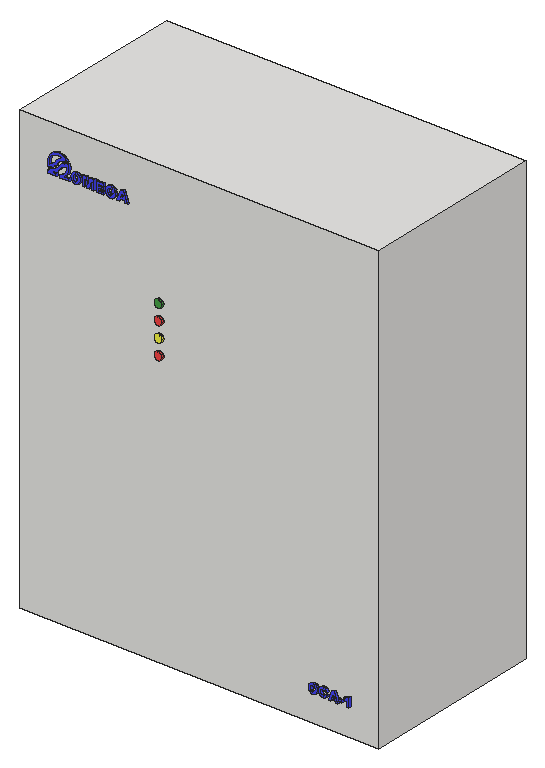
Revit family "ARBM_Прибор_Управления_Оповещением_Световым_Омега-Саунд_ОСА-1_Ru_11", category Устройства вызова и оповещения, Revit 2020
Family settings
  Сохранять ориентацию аннотаций = Нет
  Размер круглого соединителя = Использовать диаметр
  Тип детали = Нормальный
  Номер OmniClass = 23.80.30.11.17
  Заголовок OmniClass = Distribution Boards and Control Panels
  На основе рабочей плоскости = Да
  Всегда вертикально = Нет
  При загрузке вырезать с полостями = Нет
  Общий = Нет
  Точка расчета площади = Нет
Parameters
  УГО Смещение Y [instance] = 1000 mm
  УГО Смещение X [instance] = 1000 mm
  УГО Прямое Видимость [instance] = yes
  УГО Обратное Видимость [instance] = no
  УГО Масштаб 1 Видимость [instance] = yes
  УГО Масштаб 0.6 Видимость [instance] = no
  Default Elevation = 1219.2 mm
  В УГО Смещение Y [instance] = -УГО Смещение Y / 100 + 10 mm  # 0 mm
  В УГО Смещение X [instance] = -УГО Смещение X / 100 + 10 mm  # 0 mm
  d соед. кор. [instance] = if(d короба > 20 mm, 20 mm, d короба)  # 20 mm
  d короба [instance] = 20 mm
  ARBM_ТП_СПС_Потребляемая мощность = 30 W  # constant formula
  ARBM_ТП_СПС_Пост. ток потреб. в тревож. режиме = 775  # constant formula
  ARBM_ТП_СПС_Пост. ток потреб. в деж. режиме = 400  # constant formula
  ARBM_ТП_СПС_Номин. напряжение питания = 12 V  # constant formula
  ARBM_ТП_СПС_Мин. напряжение питания = 100 V  # constant formula
  ARBM_ТП_СПС_Макс. напряжение питания = 260 V  # constant formula
  ARBM_ПСБ_БЦО = "ARK"
  ARBM_ПС_Имя изделия = "ARK1"
  ARBM_ПП_УГО для ОД на схеме/разрезе = 0
  ARBM_ПП_УГО для ОД на плане = 0
  ARBM_ПП_Раздел спецификации ОИМ [instance] = ""
  ARBM_ПП_Раздел проекта = "Система оповещения и управления эвакуацией"
  ARBM_ПИ_Разработчик модели (телефон) = "+37529-698-54-00"  # constant formula
  ARBM_ПИ_Разработчик модели (email) = "sd@aerbim.com"  # constant formula
  ARBM_ПИ_Разработчик модели (URL) = "https://aerbim.com"
  ARBM_ПИ_Разработчик модели = "Группа компаний AerBIM"  # constant formula
  ARBM_ПИ_Дата изменения семейств = ""
  ARBM_SP_NeedMark [instance] = yes
  ARBM_SP_IsEmbedded [instance] = yes
  ARBM_SP_ElementNumber [instance] = 0
  ARBM_SP_ElementMark [instance] = ""
  ARBM_SP_ElementIndex [instance] = 0
  ARBM_SP_ElementAltMark [instance] = ""
  ARBM_SP_CircuitName [instance] = ""
  ARBM_SP_AddressCount [instance] = 0
  ARBM_SP_AdaptationForMarking = 0
  ADSK_Размер_Ширина = 205 mm  # constant formula
  ADSK_Размер_Глубина = 105 mm  # constant formula
  ADSK_Размер_Высота = 255 mm  # constant formula
  ADSK_Примечание = ""
  ADSK_Позиция = ""
  ADSK_Обозначение = ""
  ADSK_Наименование краткое = "Прибор управления"  # constant formula
  ADSK_Наименование = "Прибор управления световым оповещением"  # constant formula
  ADSK_Масса = 2  # constant formula
  ADSK_Марка = "ОСА-1"  # constant formula
  ADSK_Код изделия = "ОСА-1"  # constant formula
  ADSK_Зона = ""
  ADSK_Завод-изготовитель = "Омега Саунд"  # constant formula
  ADSK_Единица измерения = "шт"  # constant formula
  ADSK_Версия семейства = "Версия 1"  # constant formula
  ADSK_Версия Revit = "2020"  # constant formula
  ADSK_URL страницы изделия = "https://omegasound.ru/product/sistemy-opoveshcheniya-i-upravleniya-evakuatsiey/pribory-upravleniya-i-usiliteli-moshchnosti/pribor-upravleniya-osa-1/"
  ADSK_URL документации изделия = "https://omegasound.ru/upload/iblock/b28/OSA_1_v1.7.pdf"
Reference planes
  plane 1 "По центру (Вперед/Назад)": y = 0
  plane 2: z = 0
  plane 3 "По центру (Влево/Вправо)": x = 0
  plane 4: x = 500
  plane 5: y = 500
  plane 6: x = 102.5
  plane 7: x = -102.5
  plane 8: y = -105
  plane 9: z = 255
Lines and regions (mm)
  reference lines
    curve 1: line (-500, 0, 0) -> (-500, -500, 0)
    curve 2: line (-500, -500, 0) -> (500, -500, 0)
Dimensions and locks
  equal spacing: plane 7, plane 3 "По центру (Влево/Вправо)", plane 6
  "ADSK_Размер_Ширина": plane 7 to plane 6
  "ADSK_Размер_Высота": plane 9 to plane 2
  "УГО Смещение Y": curve 2 to plane 5
  locked: curve 1 to curve 1 at 500
  "УГО Смещение X": curve 1 to plane 4
  locked: curve 2 to curve 2 at 1000
  aligned and locked: level to plane 2
  aligned and locked: nested 1 to plane 7
  aligned and locked: plane 1 "По центру (Вперед/Назад)" to nested 1
  aligned and locked: plane 6 to nested 1
  aligned and locked: plane 8 to nested 1
Nested families
  nested 1: "ARBM_Корпус_Прибор_Управления_Оповещением_Световым" at (0, 0, 0), type "ARBM_Корпус_Прибор_Управления_Оповещением_Световым"
  nested 2: "AER_УГО_ПКП_Обратное" at (0, 0, 0), visible <- "УГО Обратное Видимость", Смещение X <- "В УГО Смещение X", Смещение Y <- "В УГО Смещение Y", УГО Масштаб 0.6 Видимость <- "УГО Масштаб 0.6 Видимость", УГО Масштаб 1 Видимость <- "УГО Масштаб 1 Видимость", type "AER_УГО_ПКП_Обратное", detail levels coarse
    with УГО Масштаб 1 Видимость yes, УГО Масштаб 0.6 Видимость no, Смещение Y 0 mm, Смещение X 0 mm, В Смещение Y 10 mm, В Смещение X 10 mm
  nested 3: "ARBM_УГО_ПКП_Прямое" at (0, 0, 0), visible <- "УГО Прямое Видимость", Смещение X <- "В УГО Смещение X", Смещение Y <- "В УГО Смещение Y", УГО Масштаб 0.6 Видимость <- "УГО Масштаб 0.6 Видимость", УГО Масштаб 1 Видимость <- "УГО Масштаб 1 Видимость", type "ARBM_УГО_ПКП_Прямое", detail levels coarse
    with УГО Масштаб 1 Видимость yes, УГО Масштаб 0.6 Видимость no, Смещение Y 0 mm, Смещение X 0 mm, В Смещение Y 10 mm, В Смещение X 10 mm
Connectors
  cabletrayconduit at (-102.5, -39.066, 99.564), diameter 20, driven by "d соед. кор."
    settings: on plane 7, index 2, connector width 300 mm, connector height 300 mm, connector angle 0.00°, system type 32, placement type 0, profile type 0, connector reference index -1, is primary connector yes, connector utility param no, connector description ""
  cabletrayconduit at (102.5, -39.066, 99.564), diameter 20, driven by "d соед. кор."
    settings: on plane 6, index 3, connector width 300 mm, connector height 300 mm, connector angle 0.00°, system type 32, placement type 0, profile type 0, connector reference index -1, is primary connector no, connector utility param no, connector description ""
  cabletrayconduit at (0, -37.207, 0), diameter 20, driven by "d соед. кор."
    settings: on plane 2, index 4, connector width 300 mm, connector height 300 mm, connector angle 0.00°, system type 32, placement type 0, profile type 0, connector reference index -1, is primary connector no, connector utility param no, connector description ""
  cabletrayconduit at (0, -37.207, 255), diameter 20, driven by "d соед. кор."
    settings: on plane 9, index 5, connector width 300 mm, connector height 300 mm, connector angle 0.00°, system type 32, placement type 0, profile type 0, connector reference index -1, is primary connector no, connector utility param no, connector description ""
  electrical at (0, 0, 0)
    settings: on plane 1 "По центру (Вперед/Назад)", index 6, voltage 0 V, apparent load 0 VA, apparent load phase1 0 VA, apparent load phase2 0 VA, apparent load phase3 0 VA, power factor 1, load classification "Прочее", number of poles 1, system type 12, power factor state 1, is connector primary yes, connector utility no, sub classification motor no, connector description ""
Definition of nested family "ARBM_Корпус_Прибор_Управления_Оповещением_Световым"
  Parameters (values of type "ARBM_Корпус_Прибор_Управления_Оповещением_Световым")
    Default Elevation = 1219.2 mm
    ADSK_Размер_Ширина = 205 mm
    ADSK_Размер_Глубина = 105 mm
    ADSK_Размер_Высота = 255 mm
  Reference planes
    plane 1 "По центру (Вперед/Назад)": y = 0
    plane 2: z = 0
    plane 3 "По центру (Влево/Вправо)": x = 0
    plane 4: x = -102.5
    plane 5: x = 102.5
    plane 6: y = -105
    plane 7: z = 255
    plane 8: x = -62.791
    plane 9: x = -43.232
    plane 10: x = 77.447
    plane 11: z = 171.897
    plane 12: z = 127.5
  Forms (mm)
    Extrusion 1, solid, detail levels medium+fine
      sketch origin (0, 0, 0) x (1, 0, 0) y (0, 1, 0)
        loop
          line (-102.5, -105) -> (102.5, -105) -> (102.5, 0) -> (-102.5, 0) -> (-102.5, -105)
      from 0 to 255
    Extrusion 2, solid, detail levels medium+fine
      sketch origin (0, 0, 0) x (1, 0, 0) y (0, 0, 1)
        loop
          arc (-85.682, 233.002) -> (-82.679, 233.522) -> (-80.419, 235.569) r 5.473
          arc (-80.419, 235.569) -> (-78.068, 237.987) -> (-74.746, 238.574) r 5.49
          arc (-74.746, 238.574) -> (-82.764, 240.793) -> (-85.682, 233.002) r 6.161
        loop
          arc (-84.758, 234.336) -> (-82.613, 235.14) -> (-81.062, 236.827) r 4.934
          arc (-81.062, 236.827) -> (-79.519, 238.566) -> (-77.387, 239.497) r 5.409
          arc (-77.387, 239.497) -> (-82.815, 239.404) -> (-84.758, 234.336) r 4.851
        loop
          arc (-74.03, 237.431) -> (-77.515, 236.917) -> (-79.889, 234.316) r 5.248
          arc (-79.889, 234.316) -> (-82.191, 232.456) -> (-85.095, 231.888) r 6.14
          arc (-85.095, 231.888) -> (-84.522, 231.187) -> (-83.862, 230.565) r 6.976
          line (-83.862, 230.565) -> (-86.006, 230.565) -> (-86.006, 229.15) -> (-81.084, 229.15) -> (-81.084, 230.629) -> (-82.255, 231.126)
          arc (-82.255, 231.126) -> (-80.002, 232.09) -> (-78.389, 233.935) r 5.521
          arc (-78.389, 233.935) -> (-77.069, 235.392) -> (-75.223, 236.07) r 4.115
          arc (-75.223, 236.07) -> (-75.832, 232.552) -> (-78.798, 230.565) r 4.535
          line (-78.798, 230.565) -> (-78.798, 229.15) -> (-73.798, 229.15) -> (-73.798, 230.542) -> (-75.921, 230.542)
          arc (-75.921, 230.542) -> (-73.916, 233.696) -> (-74.03, 237.431) r 6.355
        loop
          spline (-69.806, 233.912) -> (-70.143, 233.85) -> (-70.456, 233.669) -> (-70.725, 233.381) -> (-70.932, 233.006) -> (-71.061, 232.568) -> (-71.106, 232.099) -> (-71.061, 231.629) -> (-70.932, 231.192) -> (-70.725, 230.816) -> (-70.456, 230.528) -> (-70.143, 230.347) -> (-69.806, 230.285)
          spline (-69.806, 230.285) -> (-69.47, 230.347) -> (-69.157, 230.528) -> (-68.888, 230.816) -> (-68.681, 231.192) -> (-68.552, 231.629) -> (-68.507, 232.099) -> (-68.552, 232.568) -> (-68.681, 233.006) -> (-68.888, 233.381) -> (-69.157, 233.669) -> (-69.47, 233.85) -> (-69.806, 233.912)
        loop
          spline (-69.806, 235.069) -> (-70.507, 234.968) -> (-71.159, 234.672) -> (-71.72, 234.202) -> (-72.15, 233.589) -> (-72.42, 232.875) -> (-72.512, 232.109) -> (-72.42, 231.343) -> (-72.15, 230.629) -> (-71.72, 230.016) -> (-71.159, 229.546) -> (-70.507, 229.25) -> (-69.806, 229.15)
          spline (-69.806, 229.15) -> (-69.106, 229.25) -> (-68.453, 229.546) -> (-67.892, 230.016) -> (-67.462, 230.629) -> (-67.192, 231.343) -> (-67.1, 232.109) -> (-67.192, 232.875) -> (-67.462, 233.589) -> (-67.892, 234.202) -> (-68.453, 234.672) -> (-69.106, 234.968) -> (-69.806, 235.069)
        loop
          line (-66.125, 229.431) -> (-64.644, 229.431) -> (-64.644, 233.206) -> (-63.561, 229.431) -> (-62.003, 229.431) -> (-60.938, 233.145) -> (-60.938, 229.431) -> (-59.457, 229.431) -> (-59.457, 234.944) -> (-61.797, 234.944) -> (-62.791, 231.691) -> (-63.785, 234.944) -> (-66.125, 234.944) -> (-66.125, 229.431)
        loop
          line (-58.148, 234.944) -> (-58.148, 229.15) -> (-53.871, 229.15) -> (-53.871, 230.361) -> (-56.749, 230.361) -> (-56.749, 231.544) -> (-53.871, 231.544) -> (-53.871, 232.593) -> (-56.749, 232.593) -> (-56.749, 233.454) -> (-53.871, 233.454) -> (-53.871, 234.944) -> (-58.148, 234.944)
        loop
          arc (-47.281, 233.647) -> (-52.858, 232.004) -> (-47.281, 230.361) r 3.03
          line (-47.281, 230.361) -> (-47.281, 232.593) -> (-49.555, 232.593) -> (-49.555, 231.544) -> (-48.165, 231.544)
          arc (-48.165, 231.544) -> (-51.556, 231.812) -> (-48.461, 233.224) r 1.757
          line (-48.461, 233.224) -> (-47.281, 233.647)
        loop
          line (-43.232, 235.1) -> (-44.063, 235.1) -> (-46.229, 229.15) -> (-44.797, 229.15) -> (-44.356, 230.361) -> (-43.232, 230.361) -> (-42.108, 230.361) -> (-41.667, 229.15) -> (-40.235, 229.15) -> (-42.401, 235.1) -> (-43.232, 235.1)
        loop
          line (-42.636, 231.666) -> (-43.232, 233.45) -> (-43.881, 231.666) -> (-42.636, 231.666)
        loop
          spline (65.904, 19.817) -> (65.568, 19.762) -> (65.254, 19.6) -> (64.985, 19.343) -> (64.779, 19.008) -> (64.649, 18.618) -> (64.605, 18.2) -> (64.649, 17.781) -> (64.779, 17.392) -> (64.985, 17.057) -> (65.254, 16.8) -> (65.568, 16.638) -> (65.904, 16.583)
          spline (65.904, 16.583) -> (66.24, 16.638) -> (66.553, 16.8) -> (66.822, 17.057) -> (67.029, 17.392) -> (67.159, 17.781) -> (67.203, 18.2) -> (67.159, 18.618) -> (67.029, 19.008) -> (66.822, 19.343) -> (66.553, 19.6) -> (66.24, 19.762) -> (65.904, 19.817)
        loop
          spline (65.904, 20.945) -> (65.204, 20.851) -> (64.551, 20.578) -> (63.991, 20.144) -> (63.56, 19.577) -> (63.29, 18.918) -> (63.198, 18.21) -> (63.29, 17.503) -> (63.56, 16.843) -> (63.991, 16.277) -> (64.551, 15.842) -> (65.204, 15.569) -> (65.904, 15.476)
          spline (65.904, 15.476) -> (66.605, 15.569) -> (67.257, 15.842) -> (67.818, 16.277) -> (68.248, 16.843) -> (68.518, 17.503) -> (68.611, 18.21) -> (68.518, 18.918) -> (68.248, 19.577) -> (67.818, 20.144) -> (67.257, 20.578) -> (66.605, 20.851) -> (65.904, 20.945)
        loop
          arc (74.166, 17.555) -> (69.146, 18.322) -> (74.166, 19.089) r 2.568
          line (74.166, 19.089) -> (72.982, 19.089)
          arc (72.982, 19.089) -> (70.29, 18.322) -> (72.982, 17.555) r 1.456
          line (72.982, 17.555) -> (74.166, 17.555)
        loop
          line (77.447, 20.893) -> (76.616, 20.893) -> (74.691, 15.603) -> (76.122, 15.603) -> (76.479, 16.583) -> (77.447, 16.583) -> (78.414, 16.583) -> (78.771, 15.603) -> (80.203, 15.603) -> (78.277, 20.893) -> (77.447, 20.893)
        loop
          line (78.042, 17.459) -> (77.447, 19.242) -> (76.798, 17.459) -> (78.042, 17.459)
        loop
          line (80.459, 18.083) -> (80.459, 16.85) -> (82.552, 16.85) -> (82.552, 18.083) -> (80.459, 18.083)
        loop
          line (83.436, 19.496) -> (83.436, 18.482)
          arc (83.436, 18.482) -> (84.389, 18.651) -> (85.252, 19.089) r 3.292
          line (85.252, 19.089) -> (85.252, 15.603) -> (86.372, 15.603) -> (86.372, 20.893) -> (85.274, 20.893)
          arc (85.274, 20.893) -> (84.642, 19.817) -> (83.436, 19.496) r 1.642
      from 105 to 106
    Extrusion 3, solid, detail levels medium+fine
      sketch origin (-102.5, -105, 0) x (1, 0, 0) y (0, 0, 1)
        loop
          circle (79.728, 184.355) r 2.213
      from 0 to 1
    Extrusion 4, solid, detail levels medium+fine
      sketch origin (-102.5, -105, -8.853) x (1, 0, 0) y (0, 0, 1)
        loop
          circle (79.728, 184.355) r 2.213
      from 0 to 1
    Extrusion 5, solid, detail levels medium+fine
      sketch origin (-102.5, -105, -17.845) x (1, 0, 0) y (0, 0, 1)
        loop
          circle (79.728, 184.355) r 2.213
      from 0 to 1
    Extrusion 6, solid, detail levels medium+fine
      sketch origin (-102.5, -105, -26.794) x (1, 0, 0) y (0, 0, 1)
        loop
          circle (79.728, 184.355) r 2.213
      from 0 to 1
    Extrusion 7, solid, detail levels coarse
      sketch origin (0, 0, 0) x (1, 0, 0) y (0, 1, 0)
        loop
          line (-102.5, 0) -> (-102.5, -105) -> (102.5, -105) -> (102.5, 0) -> (-102.5, 0)
      from 0 to 255
    Extrusion 8, solid, detail levels coarse
      sketch origin (0, 0, 0) x (1, 0, 0) y (0, 1, 0)
        loop
          line (-102.5, 0) -> (-102.5, -105) -> (102.5, -105) -> (102.5, 0) -> (-102.5, 0)
      from 0 to 255
  Lines and regions (mm)
    model lines, detail levels medium+fine
      curve 1: line (-50.555, -105, 193.214) -> (45.821, -105, 193.214)
      curve 2: line (45.821, -105, 193.214) -> (45.821, -105, 150.581)
      curve 3: line (45.821, -105, 150.581) -> (-50.555, -105, 150.581)
      curve 4: line (-50.555, -105, 150.581) -> (-50.555, -105, 193.214)
      curve 5: arc (-48.651, -105, 189.109) -> (-48.038, -105, 190.589) -> (-46.558, -105, 191.202) r 2.093
      curve 6: line (-46.558, -105, 191.202) -> (41.353, -105, 191.202)
      curve 7: line (-48.651, -105, 189.109) -> (-48.651, -105, 154.96)
      curve 8: arc (43.446, -105, 189.109) -> (42.833, -105, 190.589) -> (41.353, -105, 191.202) r 2.093
      curve 9: arc (-48.651, -105, 154.96) -> (-48.038, -105, 153.48) -> (-46.558, -105, 152.867) r 2.093
      curve 10: arc (43.446, -105, 154.96) -> (42.833, -105, 153.48) -> (41.353, -105, 152.867) r 2.093
      curve 11: line (43.446, -105, 189.109) -> (43.446, -105, 154.96)
      curve 12: line (-46.558, -105, 152.867) -> (41.353, -105, 152.867)
      curve 13: arc (-92.773, -105, 247.286) -> (-94.153, -105, 246.714) -> (-94.725, -105, 245.334) r 1.952
      curve 14: line (-92.773, -105, 247.286) -> (0, -105, 247.286)
      curve 15: arc (92.773, -105, 247.286) -> (94.153, -105, 246.714) -> (94.725, -105, 245.334) r 1.952
      curve 16: line (92.773, -105, 247.286) -> (0, -105, 247.286)
      curve 17: arc (-92.773, -105, 7.714) -> (-94.153, -105, 8.286) -> (-94.725, -105, 9.666) r 1.952
      curve 18: line (-92.773, -105, 7.714) -> (0, -105, 7.714)
      curve 19: arc (92.773, -105, 7.714) -> (94.153, -105, 8.286) -> (94.725, -105, 9.666) r 1.952
      curve 20: line (92.773, -105, 7.714) -> (0, -105, 7.714)
      curve 21: line (-94.725, -105, 245.334) -> (-94.725, -105, 9.666)
      curve 22: line (94.725, -105, 245.334) -> (94.725, -105, 9.666)
  Dimensions and locks
    "ADSK_Размер_Глубина": plane 6 to plane 1 "По центру (Вперед/Назад)"
    "ADSK_Размер_Ширина": plane 4 to plane 5
    "ADSK_Размер_Высота": plane 7 to plane 2
    aligned and locked: level to plane 2
    aligned and locked: Extrusion 1 sketch curve to plane 6
    aligned and locked: Extrusion 1 sketch curve to plane 4
    aligned and locked: Extrusion 1 sketch curve to plane 1 "По центру (Вперед/Назад)"
    aligned and locked: Extrusion 1 sketch curve to plane 5
    aligned and locked: Extrusion 1 to level
    aligned and locked: plane 7 to Extrusion 1
    aligned and locked: plane 6 to Extrusion 2
    aligned and locked: Extrusion 7 sketch curve to Extrusion 1  (x4)
    aligned and locked: plane 7 to Extrusion 7
    aligned and locked: Extrusion 7 to level
    aligned and locked: plane 1 "По центру (Вперед/Назад)" to Extrusion 8 sketch curve
    aligned and locked: Extrusion 8 sketch curve to plane 4
    aligned and locked: plane 6 to Extrusion 8 sketch curve
    aligned and locked: Extrusion 8 sketch curve to plane 5
    aligned and locked: Extrusion 8 to level
    aligned and locked: plane 7 to Extrusion 8
  Automatic sketch dimensions
    Extrusion 2 sketch curve to plane 8 = 0 mm
    Extrusion 2 sketch curve to plane 9 = 0 mm  (x3)
    Extrusion 2 sketch curve to plane 10 = 0 mm  (x3)
    Extrusion 2 sketch curve to plane 8 = 0.77 mm
    Extrusion 2 sketch curve to plane 8 = 0.994 mm
    Extrusion 2 sketch curve to Extrusion 2 sketch curve = 1.083 mm
    Extrusion 2 sketch curve to Extrusion 2 sketch curve = 1.481 mm  (x2)
    Extrusion 2 sketch curve to Extrusion 2 sketch curve = 7.673 mm
    Extrusion 2 sketch curve to Extrusion 2 sketch curve = 0.97 mm
    Extrusion 2 sketch curve to Extrusion 2 sketch curve = 0.283 mm
    Extrusion 2 sketch curve to Extrusion 2 sketch curve = 0.447 mm
    Extrusion 2 sketch curve to Extrusion 2 sketch curve = 1.153 mm
    Extrusion 2 sketch curve to Extrusion 2 sketch curve = 0.841 mm
    Extrusion 2 sketch curve to Extrusion 2 sketch curve = 2.877 mm
    Extrusion 2 sketch curve to Extrusion 2 sketch curve = 3.081 mm
    Extrusion 2 sketch curve to Extrusion 2 sketch curve = 0.215 mm
    Extrusion 2 sketch curve to Extrusion 2 sketch curve = 0.332 mm
    Extrusion 2 sketch curve to Extrusion 2 sketch curve = 0.065 mm
    Extrusion 2 sketch curve to Extrusion 2 sketch curve = 0.012 mm
    Extrusion 2 sketch curve to Extrusion 2 sketch curve = 2.286 mm
    Extrusion 2 sketch curve to Extrusion 2 sketch curve = 1.171 mm
    Extrusion 2 sketch curve to Extrusion 2 sketch curve = 3.216 mm
    Extrusion 2 sketch curve to Extrusion 2 sketch curve = 1.607 mm  (x2)
    Extrusion 2 sketch curve to Extrusion 2 sketch curve = 1.538 mm
    Extrusion 2 sketch curve to Extrusion 2 sketch curve = 0.292 mm
    Extrusion 2 sketch curve to Extrusion 2 sketch curve = 0.293 mm
    Extrusion 2 sketch curve to Extrusion 2 sketch curve = 2.143 mm
    plane 8 to Extrusion 2 sketch curve = 0.788 mm
    plane 8 to Extrusion 2 sketch curve = 0.994 mm
    Extrusion 2 sketch curve to Extrusion 2 sketch curve = 1.065 mm
    Extrusion 2 sketch curve to Extrusion 2 sketch curve = 1.309 mm
    Extrusion 2 sketch curve to Extrusion 2 sketch curve = 1.399 mm
    Extrusion 2 sketch curve to Extrusion 2 sketch curve = 0 mm  (x14)
    Extrusion 2 sketch curve to Extrusion 2 sketch curve = 2.878 mm
    Extrusion 2 sketch curve to Extrusion 2 sketch curve = 4.044 mm
    Extrusion 2 sketch curve to Extrusion 2 sketch curve = 0.002 mm
    Extrusion 2 sketch curve to Extrusion 2 sketch curve = 0.27 mm
    Extrusion 2 sketch curve to Extrusion 2 sketch curve = 1.095 mm
    Extrusion 2 sketch curve to Extrusion 2 sketch curve = 1.391 mm
    Extrusion 2 sketch curve to Extrusion 2 sketch curve = 1.18 mm
    Extrusion 2 sketch curve to Extrusion 2 sketch curve = 1.052 mm
    Extrusion 2 sketch curve to Extrusion 2 sketch curve = 1.431 mm  (x3)
    Extrusion 2 sketch curve to Extrusion 2 sketch curve = 1.124 mm
    Extrusion 2 sketch curve to Extrusion 2 sketch curve = 0.831 mm  (x2)
    Extrusion 2 sketch curve to plane 9 = 0.649 mm
    plane 9 to Extrusion 2 sketch curve = 0.596 mm
    plane 9 to Extrusion 2 sketch curve = 0.831 mm
    plane 9 to Extrusion 2 sketch curve = 1.124 mm
    Extrusion 2 sketch curve to Extrusion 2 sketch curve = 0.441 mm
    Extrusion 2 sketch curve to plane 10 = 5.732 mm
    Extrusion 2 sketch curve to Extrusion 2 sketch curve = 0.031 mm
    Extrusion 2 sketch curve to Extrusion 2 sketch curve = 1.237 mm  (x2)
    Extrusion 2 sketch curve to Extrusion 2 sketch curve = 1.184 mm  (x2)
    Extrusion 2 sketch curve to Extrusion 2 sketch curve = 0.525 mm
    Extrusion 2 sketch curve to plane 10 = 1.325 mm
    Extrusion 2 sketch curve to Extrusion 2 sketch curve = 0.968 mm
    Extrusion 2 sketch curve to plane 10 = 0.649 mm
    plane 10 to Extrusion 2 sketch curve = 0.596 mm
    plane 10 to Extrusion 2 sketch curve = 0.831 mm
    Extrusion 2 sketch curve to Extrusion 2 sketch curve = 0.372 mm
    Extrusion 2 sketch curve to Extrusion 2 sketch curve = 0.357 mm
    Extrusion 2 sketch curve to Extrusion 2 sketch curve = 0.256 mm
    Extrusion 2 sketch curve to Extrusion 2 sketch curve = 2.093 mm
    Extrusion 2 sketch curve to Extrusion 2 sketch curve = 0.794 mm
    Extrusion 2 sketch curve to Extrusion 2 sketch curve = 0.884 mm
    Extrusion 2 sketch curve to Extrusion 2 sketch curve = 0.302 mm
    Extrusion 2 sketch curve to Extrusion 2 sketch curve = 1.816 mm
    Extrusion 2 sketch curve to Extrusion 2 sketch curve = 1.626 mm
    Extrusion 2 sketch curve to Extrusion 2 sketch curve = 1.12 mm
    level to Extrusion 2 sketch curve = 15.603 mm
    Extrusion 2 sketch curve to Extrusion 2 sketch curve = 0.98 mm
    Extrusion 2 sketch curve to Extrusion 2 sketch curve = 1.247 mm
    Extrusion 2 sketch curve to Extrusion 2 sketch curve = 0.875 mm
    Extrusion 2 sketch curve to Extrusion 2 sketch curve = 1.952 mm
    Extrusion 2 sketch curve to Extrusion 2 sketch curve = 1.233 mm
    Extrusion 2 sketch curve to Extrusion 2 sketch curve = 0.767 mm
    Extrusion 2 sketch curve to Extrusion 2 sketch curve = 0.4 mm
    Extrusion 2 sketch curve to Extrusion 2 sketch curve = 0.606 mm
    Extrusion 2 sketch curve to Extrusion 2 sketch curve = 1.783 mm  (x2)
    Extrusion 2 sketch curve to Extrusion 2 sketch curve = 1.014 mm
    Extrusion 2 sketch curve to Extrusion 2 sketch curve = 1.804 mm
    Extrusion 2 sketch curve to Extrusion 2 sketch curve = 1.651 mm  (x2)
    Extrusion 2 sketch curve to plane 7 = 25.85 mm  (x2)
    Extrusion 2 sketch curve to Extrusion 2 sketch curve = 0.281 mm  (x2)
    Extrusion 2 sketch curve to Extrusion 2 sketch curve = 1.211 mm  (x3)
    Extrusion 2 sketch curve to Extrusion 2 sketch curve = 1.393 mm
    Extrusion 2 sketch curve to Extrusion 2 sketch curve = 1.416 mm  (x2)
    Extrusion 2 sketch curve to Extrusion 2 sketch curve = 1.479 mm
    Extrusion 2 sketch curve to Extrusion 2 sketch curve = 0.497 mm
    Extrusion 2 sketch curve to Extrusion 2 sketch curve = 1.183 mm  (x2)
    Extrusion 2 sketch curve to Extrusion 2 sketch curve = 1.306 mm
    Extrusion 2 sketch curve to Extrusion 2 sketch curve = 2.26 mm
    Extrusion 2 sketch curve to Extrusion 2 sketch curve = 1.438 mm
    Extrusion 2 sketch curve to Extrusion 2 sketch curve = 0.46 mm
    Extrusion 2 sketch curve to Extrusion 2 sketch curve = 0.113 mm
    Extrusion 2 sketch curve to Extrusion 2 sketch curve = 0.304 mm
    Extrusion 2 sketch curve to Extrusion 2 sketch curve = 0.476 mm
    Extrusion 2 sketch curve to Extrusion 2 sketch curve = 1.049 mm
    Extrusion 2 sketch curve to Extrusion 2 sketch curve = 0.852 mm
    Extrusion 2 sketch curve to Extrusion 2 sketch curve = 1.454 mm
    Extrusion 2 sketch curve to Extrusion 2 sketch curve = 1.516 mm
    Extrusion 2 sketch curve to Extrusion 2 sketch curve = 0.861 mm
    Extrusion 2 sketch curve to Extrusion 2 sketch curve = 1.055 mm
    Extrusion 2 sketch curve to Extrusion 2 sketch curve = 1.738 mm
    Extrusion 2 sketch curve to Extrusion 2 sketch curve = 1.8 mm
    Extrusion 2 sketch curve to Extrusion 2 sketch curve = 1.491 mm
    Extrusion 2 sketch curve to Extrusion 2 sketch curve = 0.832 mm
    Extrusion 2 sketch curve to Extrusion 2 sketch curve = 0.075 mm
    Extrusion 2 sketch curve to Extrusion 2 sketch curve = 0.052 mm
    Extrusion 2 sketch curve to Extrusion 2 sketch curve = 0.514 mm
    Extrusion 2 sketch curve to Extrusion 2 sketch curve = 1.127 mm
    Extrusion 2 sketch curve to Extrusion 2 sketch curve = 1.464 mm
    Extrusion 2 sketch curve to Extrusion 2 sketch curve = 0.42 mm
    Extrusion 2 sketch curve to Extrusion 2 sketch curve = 0.79 mm
    Extrusion 2 sketch curve to Extrusion 2 sketch curve = 3.681 mm
    Extrusion 2 sketch curve to Extrusion 2 sketch curve = 2.31 mm
    Extrusion 2 sketch curve to Extrusion 2 sketch curve = 0.716 mm
    Extrusion 2 sketch curve to Extrusion 2 sketch curve = 1.193 mm
    Extrusion 2 sketch curve to Extrusion 2 sketch curve = 2.641 mm
    Extrusion 2 sketch curve to Extrusion 2 sketch curve = 0.254 mm
    Extrusion 2 sketch curve to Extrusion 2 sketch curve = 0.387 mm
    Extrusion 2 sketch curve to Extrusion 2 sketch curve = 0.643 mm
    Extrusion 2 sketch curve to Extrusion 2 sketch curve = 0.587 mm
    Extrusion 2 sketch curve to Extrusion 2 sketch curve = 5.811 mm
    Extrusion 2 sketch curve to Extrusion 2 sketch curve = 0.122 mm
    Extrusion 2 sketch curve to Extrusion 2 sketch curve = 0.01 mm  (x2)
    Extrusion 2 sketch curve to Extrusion 2 sketch curve = 1.128 mm
    Extrusion 2 sketch curve to Extrusion 2 sketch curve = 1.556 mm
    Extrusion 2 sketch curve to Extrusion 2 sketch curve = 1.803 mm
    Extrusion 2 sketch curve to Extrusion 2 sketch curve = 1.156 mm
    curve 21 to Extrusion 1 = 7.775 mm
    curve 17 to curve 18 = 1.952 mm
    curve 13 to curve 14 = 1.952 mm
    curve 1 to Extrusion 1 = 51.945 mm
    curve 1 to curve 7 = 1.904 mm
    curve 9 to curve 9 = 2.093 mm
    curve 5 to curve 5 = 2.093 mm
    Extrusion 1 to curve 16 = 7.714 mm
    curve 5 to curve 16 = 46.558 mm
    Extrusion 1 to curve 20 = 7.714 mm
    curve 17 to curve 20 = 92.773 mm
    curve 8 to Extrusion 1 = 61.147 mm
    curve 8 to curve 10 = 0 mm
    curve 10 to curve 11 = 2.093 mm
    curve 11 to curve 2 = 2.374 mm
    curve 19 to Extrusion 1 = 9.727 mm
    curve 15 to Extrusion 1 = 9.727 mm
    curve 15 to curve 22 = 1.952 mm
    Extrusion 1 to curve 3 = 104.419 mm
    curve 2 to curve 12 = 2.286 mm
    curve 10 to curve 8 = 34.149 mm
    curve 11 to curve 2 = 4.105 mm
    Extrusion 3 sketch curve to Extrusion 1 = 79.728 mm
    Extrusion 1 to Extrusion 3 sketch curve = 70.645 mm
    Extrusion 4 sketch curve to Extrusion 1 = 79.728 mm
    Extrusion 1 to Extrusion 4 sketch curve = 79.498 mm
    Extrusion 5 sketch curve to Extrusion 1 = 79.728 mm
    Extrusion 1 to Extrusion 5 sketch curve = 88.489 mm
    Extrusion 6 sketch curve to Extrusion 1 = 79.728 mm
    Extrusion 1 to Extrusion 6 sketch curve = 97.439 mm
    radius of Extrusion 3 sketch curve = 2.213 mm
    radius of Extrusion 4 sketch curve = 2.213 mm
    radius of Extrusion 5 sketch curve = 2.213 mm
    radius of Extrusion 6 sketch curve = 2.213 mm
Definition of nested family "AER_УГО_ПКП_Обратное"
  Parameters (values of type "AER_УГО_ПКП_Обратное")
    УГО Масштаб 1 Видимость [instance] = no
    УГО Масштаб 0.6 Видимость [instance] = yes
    Смещение Y [instance] = 0 mm
    Смещение X [instance] = 0 mm
    В Смещение Y [instance] = Смещение Y + 10 mm  # 10 mm
    В Смещение X [instance] = Смещение X + 10 mm  # 10 mm
  Reference planes
    plane 1: y = 0
    plane 2: x = 0
  Lines and regions (mm)
    Masking region 1, visible <- "УГО Масштаб 1 Видимость", not visible
      outline origin (0, 0, 0) x (1, 0, 0) y (0, 1, 0)
        loop
          line (-2.5, 2.5) -> (2.5, 2.5) -> (6, 6) -> (0, 6) -> (-6, 6) -> (-2.5, 2.5)
    Masking region 2, visible <- "УГО Масштаб 1 Видимость", not visible
      outline origin (0, 0, 0) x (1, 0, 0) y (0, 1, 0)
        loop
          line (-2.5, 0) -> (0, 0) -> (2.5, 0) -> (2.5, 2.5) -> (-2.5, 2.5) -> (-2.5, 0)
    Masking region 3, not visible
      outline origin (-80, 0, 0) x (1, 0, 0) y (0, 1, 0)
        loop
          line (78, 2) -> (82, 2) -> (84.8, 4.8) -> (75.2, 4.8) -> (78, 2)
    Masking region 4, not visible
      outline origin (-80, 0, 0) x (1, 0, 0) y (0, 1, 0)
        loop
          line (78, 0) -> (80.5, 0) -> (82, 0) -> (82, 2) -> (78, 2) -> (78, 0)
    Masking region 5, visible <- "УГО Масштаб 0.6 Видимость", not visible
      outline origin (-150, 0, 0) x (1, 0, 0) y (0, 1, 0)
        loop
          line (148.75, 1.25) -> (151.25, 1.25) -> (153, 3) -> (147, 3) -> (148.75, 1.25)
    Masking region 6, visible <- "УГО Масштаб 0.6 Видимость", not visible
      outline origin (-150, 0, 0) x (1, 0, 0) y (0, 1, 0)
        loop
          line (148.75, 0) -> (151.25, 0) -> (151.25, 1.25) -> (148.75, 1.25) -> (148.75, 0)
    Filled region 1, type "Цветовая область 1", visible <- "УГО Масштаб 1 Видимость"
      outline origin (0, -0.039, 0) x (1, 0, 0) y (0, 1, 0)
        loop
          line (0, 0.039) -> (0, -2.423) -> (5, -2.423) -> (5, 0.039) -> (0, 0.039)
    Filled region 2, type "Цветовая область 1", visible <- "УГО Масштаб 0.6 Видимость"
      outline origin (0, 1.923, 0) x (1, 0, 0) y (0, 1, 0)
        loop
          line (0, -1.923) -> (0, -3.423) -> (3, -3.423) -> (3, -1.923) -> (0, -1.923)
    Masking region 7, visible <- "УГО Масштаб 1 Видимость"
      outline origin (0, -0.039, 0) x (1, 0, 0) y (0, 1, 0)
        loop
          line (-5, 0.039) -> (-5, -4.923) -> (5, -4.923) -> (5, -2.423) -> (0, -2.423) -> (0, 0.039) -> (-5, 0.039)
    Masking region 8, visible <- "УГО Масштаб 0.6 Видимость"
      outline origin (0, 1.923, 0) x (1, 0, 0) y (0, 1, 0)
        loop
          line (-3, -1.923) -> (-3, -4.923) -> (3, -4.923) -> (3, -3.423) -> (0, -3.423) -> (0, -1.923) -> (-3, -1.923)
    Filled region 3, type "Цветовая область 1", visible <- "УГО Масштаб 1 Видимость", not visible
      outline origin (0, -0.039, 0) x (1, 0, 0) y (0, 1, 0)
        loop
          line (0, 2.5) -> (0, 0.039) -> (5, 0.039) -> (5, 2.5) -> (0, 2.5)
    Filled region 4, type "Цветовая область 1", visible <- "УГО Масштаб 0.6 Видимость", not visible
      outline origin (0, 1.923, 0) x (1, 0, 0) y (0, 1, 0)
        loop
          line (0, 0.538) -> (0, -0.962) -> (3, -0.962) -> (3, 0.538) -> (0, 0.538)
    Masking region 9, visible <- "УГО Масштаб 1 Видимость", not visible
      outline origin (0, -0.039, 0) x (1, 0, 0) y (0, 1, 0)
        loop
          line (-5, 2.5) -> (-5, -2.462) -> (5, -2.462) -> (5, 0.039) -> (0, 0.039) -> (0, 2.5) -> (-5, 2.5)
    Masking region 10, visible <- "УГО Масштаб 0.6 Видимость", not visible
      outline origin (0, 1.923, 0) x (1, 0, 0) y (0, 1, 0)
        loop
          line (-3, 0.538) -> (-3, -2.462) -> (3, -2.462) -> (3, -0.962) -> (0, -0.962) -> (0, 0.538) -> (-3, 0.538)
    reference lines
      curve 1: line (-15, -2.461, 0) -> (-15, -14.962, 0)
      curve 2: line (-15, -14.962, 0) -> (10.4, -14.962, 0)
    detail lines, visible <- "УГО Масштаб 1 Видимость", not visible
      curve 3: line (0, 0, 0) -> (-2.5, 0, 0)
      curve 4: line (0, 0, 0) -> (2.5, 0, 0)
      curve 5: line (-2.5, 0, 0) -> (-2.5, 2.5, 0)
      curve 6: line (-2.5, 2.5, 0) -> (2.5, 2.5, 0)
      curve 7: line (2.5, 2.5, 0) -> (2.5, 0, 0)
      curve 8: line (0, 6, 0) -> (-6, 6, 0)
      curve 9: line (0, 6, 0) -> (6, 6, 0)
      curve 10: line (2.5, 2.5, 0) -> (6, 6, 0)
      curve 11: line (-2.5, 2.5, 0) -> (-6, 6, 0)
      curve 35: line (5, 2.461, 0) -> (5, -2.501, 0)
      curve 36: line (5, 2.461, 0) -> (-5, 2.461, 0)
      curve 37: line (-5, -2.501, 0) -> (5, -2.501, 0)
      curve 38: line (-5, 2.461, 0) -> (-5, -2.501, 0)
    detail lines, not visible
      curve 12: line (-2, 0, 0) -> (-2, 2, 0)
      curve 13: line (-4.8, 4.8, 0) -> (4.8, 4.8, 0)
      curve 14: line (2, 2, 0) -> (4.8, 4.8, 0)
      curve 15: line (-2, 2, 0) -> (-4.8, 4.8, 0)
      curve 16: line (-2, 0, 0) -> (2, 0, 0)
      curve 17: line (2, 0, 0) -> (2, 2, 0)
      curve 18: line (-2, 2, 0) -> (2, 2, 0)
    detail lines, visible <- "УГО Масштаб 0.6 Видимость", not visible
      curve 19: line (-1.25, 0, 0) -> (-1.25, 1.25, 0)
      curve 20: line (-3, 3, 0) -> (3, 3, 0)
      curve 21: line (1.25, 1.25, 0) -> (3, 3, 0)
      curve 22: line (-1.25, 1.25, 0) -> (-3, 3, 0)
      curve 23: line (-1.25, 0, 0) -> (1.25, 0, 0)
      curve 24: line (-1.25, 1.25, 0) -> (1.25, 1.25, 0)
      curve 25: line (-1.25, 1.25, 0) -> (1.25, 1.25, 0)
      curve 26: line (1.25, 0, 0) -> (1.25, 1.25, 0)
      curve 39: line (3, 2.461, 0) -> (3, -0.539, 0)
      curve 40: line (3, -0.539, 0) -> (-3, -0.539, 0)
      curve 41: line (-3, -0.539, 0) -> (-3, 2.461, 0)
      curve 42: line (3, 2.461, 0) -> (-3, 2.461, 0)
    detail lines, visible <- "УГО Масштаб 1 Видимость"
      curve 27: line (5, 0, 0) -> (5, -4.962, 0)
      curve 28: line (5, 0, 0) -> (-5, 0, 0)
      curve 29: line (-5, -4.962, 0) -> (5, -4.962, 0)
      curve 30: line (-5, 0, 0) -> (-5, -4.962, 0)
    detail lines, visible <- "УГО Масштаб 0.6 Видимость"
      curve 31: line (3, 0, 0) -> (3, -3, 0)
      curve 32: line (3, -3, 0) -> (-3, -3, 0)
      curve 33: line (-3, -3, 0) -> (-3, 0, 0)
      curve 34: line (3, 0, 0) -> (-3, 0, 0)
  Dimensions and locks
    "В Смещение X": curve 1 to curve 30
    "В Смещение Y": curve 2 to curve 29
  Automatic sketch dimensions
    plane 1 to curve 1 = 2.461 mm
    curve 1 to plane 2 = 15 mm
    plane 1 to curve 2 = 14.962 mm
    plane 2 to curve 2 = 10.4 mm
    Masking region 1 sketch curve to Masking region 1 sketch curve = 3.5 mm  (x3)
    Masking region 1 sketch curve to Masking region 1 sketch curve = 2.5 mm  (x2)
    Masking region 2 sketch curve to Masking region 2 sketch curve = 2.5 mm  (x3)
    Masking region 3 sketch curve to Masking region 3 sketch curve = 2.8 mm  (x3)
    Masking region 3 sketch curve to Masking region 3 sketch curve = 4 mm
    Masking region 4 sketch curve to Masking region 4 sketch curve = 2.5 mm
    Masking region 4 sketch curve to Masking region 4 sketch curve = 1.5 mm
    Masking region 4 sketch curve to Masking region 4 sketch curve = 2 mm
    Masking region 5 sketch curve to Masking region 5 sketch curve = 1.75 mm  (x3)
    Masking region 5 sketch curve to Masking region 5 sketch curve = 2.5 mm
    Masking region 6 sketch curve to Masking region 6 sketch curve = 2.5 mm
    Masking region 6 sketch curve to Masking region 6 sketch curve = 1.25 mm
    Filled region 1 sketch curve to Filled region 1 sketch curve = 5 mm
    Filled region 1 sketch curve to Filled region 1 sketch curve = 2.461 mm
    Filled region 2 sketch curve to Filled region 2 sketch curve = 1.5 mm
    Filled region 2 sketch curve to Filled region 2 sketch curve = 3 mm
    Masking region 7 sketch curve to Masking region 7 sketch curve = 5 mm  (x2)
    Masking region 7 sketch curve to Masking region 7 sketch curve = 2.501 mm
    Masking region 7 sketch curve to Masking region 7 sketch curve = 2.461 mm
    Masking region 8 sketch curve to Masking region 8 sketch curve = 3 mm  (x2)
    Masking region 8 sketch curve to Masking region 8 sketch curve = 1.5 mm  (x2)
    Filled region 3 sketch curve to Filled region 3 sketch curve = 5 mm
    Filled region 3 sketch curve to Filled region 3 sketch curve = 2.461 mm
    Filled region 4 sketch curve to Filled region 4 sketch curve = 1.5 mm
    Filled region 4 sketch curve to Filled region 4 sketch curve = 3 mm
    Masking region 9 sketch curve to Masking region 9 sketch curve = 5 mm  (x2)
    Masking region 9 sketch curve to Masking region 9 sketch curve = 2.501 mm
    Masking region 9 sketch curve to Masking region 9 sketch curve = 2.461 mm
    Masking region 10 sketch curve to Masking region 10 sketch curve = 3 mm  (x2)
    Masking region 10 sketch curve to Masking region 10 sketch curve = 1.5 mm  (x2)
    curve 28 to curve 33 = 2 mm
    curve 32 to curve 31 = 6 mm
    curve 31 to curve 28 = 2 mm
    curve 29 to curve 31 = 1.962 mm
    curve 32 to curve 28 = 3 mm
    curve 31 to curve 27 = 0 mm
    curve 36 to curve 41 = 2 mm
    curve 40 to curve 39 = 6 mm
    curve 39 to curve 36 = 2 mm
    curve 37 to curve 39 = 1.962 mm
    curve 40 to curve 36 = 3 mm
    curve 39 to curve 35 = 0 mm
Definition of nested family "ARBM_УГО_ПКП_Прямое"
  Parameters (values of type "ARBM_УГО_ПКП_Прямое")
    УГО Масштаб 1 Видимость [instance] = yes
    УГО Масштаб 0.6 Видимость [instance] = no
    Смещение Y [instance] = 0 mm
    Смещение X [instance] = 0 mm
    В Смещение Y [instance] = Смещение Y + 10 mm  # 10 mm
    В Смещение X [instance] = Смещение X + 10 mm  # 10 mm
  Reference planes
    plane 1: y = 0
    plane 2: x = 0
  Lines and regions (mm)
    Filled region 1, type "Цветовая область 1", visible <- "УГО Масштаб 0.6 Видимость"
      outline origin (-0.018, 0.886, 0) x (-1, 0, 0) y (0, -1, 0)
        loop
          line (-0.018, 2.381) -> (2.982, 2.381) -> (2.982, 3.886) -> (-0.018, 3.886) -> (-0.018, 2.381)
    Filled region 2, type "Цветовая область 1", visible <- "УГО Масштаб 0.6 Видимость", not visible
      outline origin (-0.018, 0.886, 0) x (-1, 0, 0) y (0, -1, 0)
        loop
          line (-0.018, -2.77) -> (2.982, -2.77) -> (2.982, -1.265) -> (-0.018, -1.265) -> (-0.018, -2.77)
    Masking region 1, visible <- "УГО Масштаб 0.6 Видимость"
      outline origin (0, 2.151, 0) x (-1, 0, 0) y (0, -1, 0)
        loop
          line (-3, 5.151) -> (-3, 2.151) -> (3, 2.151) -> (3, 3.646) -> (0, 3.646) -> (0, 5.151) -> (-3, 5.151)
    Masking region 2, visible <- "УГО Масштаб 0.6 Видимость", not visible
      outline origin (0, 2.151, 0) x (-1, 0, 0) y (0, -1, 0)
        loop
          line (-3, 0) -> (-3, -3) -> (3, -3) -> (3, -1.505) -> (0, -1.505) -> (0, 0) -> (-3, 0)
    Filled region 3, type "Цветовая область 1", visible <- "УГО Масштаб 1 Видимость"
      outline origin (0, -0.04, 0) x (1, 0, 0) y (0, 1, 0)
        loop
          line (-5, -4.922) -> (0, -4.922) -> (0, -2.441) -> (-5, -2.441) -> (-5, -4.922)
    Masking region 3, visible <- "УГО Масштаб 1 Видимость"
      outline origin (0, -0.04, 0) x (1, 0, 0) y (0, 1, 0)
        loop
          line (0, -2.441) -> (0, -4.922) -> (5, -4.922) -> (5, 0.04) -> (-5, 0.04) -> (-5, -2.441) -> (0, -2.441)
    Filled region 4, type "Цветовая область 1", visible <- "УГО Масштаб 1 Видимость", not visible
      outline origin (0, -0.04, 0) x (1, 0, 0) y (0, 1, 0)
        loop
          line (-5, 0.229) -> (0, 0.229) -> (0, 2.71) -> (-5, 2.71) -> (-5, 0.229)
    Masking region 4, visible <- "УГО Масштаб 1 Видимость", not visible
      outline origin (0, -0.04, 0) x (1, 0, 0) y (0, 1, 0)
        loop
          line (0, 2.71) -> (0, 0.229) -> (5, 0.229) -> (5, 5.191) -> (-5, 5.191) -> (-5, 2.71) -> (0, 2.71)
    reference lines
      curve 1: line (-15, -2.481, 0) -> (-15, -14.962, 0)
      curve 2: line (-15, -14.962, 0) -> (10.4, -14.962, 0)
    detail lines, visible <- "УГО Масштаб 1 Видимость"
      curve 3: line (5, -4.962, 0) -> (-5, -4.962, 0)
      curve 4: line (5, 0, 0) -> (5, -4.962, 0)
      curve 5: line (5, 0, 0) -> (-5, 0, 0)
      curve 6: line (-5, 0, 0) -> (-5, -4.962, 0)
    detail lines, visible <- "УГО Масштаб 0.6 Видимость"
      curve 7: line (3, 0, 0) -> (3, -3, 0)
      curve 8: line (3, -3, 0) -> (-3, -3, 0)
      curve 9: line (-3, -3, 0) -> (-3, 0, 0)
      curve 17: line (3, 0, 0) -> (-3, 0, 0)
    detail lines, visible <- "УГО Масштаб 1 Видимость", not visible
      curve 10: line (5, 0.189, 0) -> (-5, 0.189, 0)
      curve 11: line (5, 5.151, 0) -> (5, 0.189, 0)
      curve 12: line (5, 5.151, 0) -> (-5, 5.151, 0)
      curve 13: line (-5, 5.151, 0) -> (-5, 0.189, 0)
    detail lines, visible <- "УГО Масштаб 0.6 Видимость", not visible
      curve 14: line (3, 5.151, 0) -> (3, 2.151, 0)
      curve 15: line (3, 2.151, 0) -> (-3, 2.151, 0)
      curve 16: line (-3, 2.151, 0) -> (-3, 5.151, 0)
      curve 18: line (3, 5.151, 0) -> (-3, 5.151, 0)
  Dimensions and locks
    "В Смещение X": curve 1 to curve 6
    "В Смещение Y": curve 2 to curve 3
    aligned and locked: curve 9 to Filled region 1
    aligned and locked: curve 16 to Filled region 2
  Automatic sketch dimensions
    plane 1 to curve 1 = 2.481 mm
    curve 1 to plane 2 = 15 mm
    plane 1 to curve 2 = 14.962 mm
    plane 2 to curve 2 = 10.4 mm
    Filled region 1 sketch curve to Filled region 1 sketch curve = 3 mm
    Filled region 1 sketch curve to Filled region 1 sketch curve = 1.505 mm
    Masking region 1 sketch curve to Masking region 1 sketch curve = 3 mm  (x2)
    Masking region 1 sketch curve to Masking region 1 sketch curve = 1.495 mm
    Masking region 1 sketch curve to Masking region 1 sketch curve = 1.505 mm
    Filled region 2 sketch curve to Filled region 2 sketch curve = 3 mm
    Filled region 2 sketch curve to Filled region 2 sketch curve = 1.505 mm
    Masking region 2 sketch curve to Masking region 2 sketch curve = 3 mm  (x2)
    Masking region 2 sketch curve to Masking region 2 sketch curve = 1.495 mm
    Masking region 2 sketch curve to Masking region 2 sketch curve = 1.505 mm
    Filled region 3 sketch curve to Filled region 3 sketch curve = 5 mm
    Filled region 3 sketch curve to Filled region 3 sketch curve = 2.481 mm
    Masking region 3 sketch curve to Masking region 3 sketch curve = 10 mm
    Masking region 3 sketch curve to Masking region 3 sketch curve = 2.481 mm  (x2)
    Masking region 3 sketch curve to Masking region 3 sketch curve = 5 mm
    curve 6 to curve 9 = 2 mm
    curve 8 to curve 7 = 6 mm
    curve 7 to curve 4 = 2 mm
    curve 3 to curve 7 = 1.962 mm
    curve 8 to curve 5 = 3 mm
    curve 7 to curve 4 = 0 mm
    curve 13 to curve 16 = 2 mm
    curve 15 to curve 14 = 6 mm
    curve 14 to curve 11 = 2 mm
    curve 10 to curve 14 = 1.962 mm
    curve 15 to curve 12 = 3 mm
    curve 14 to curve 11 = 0 mm
